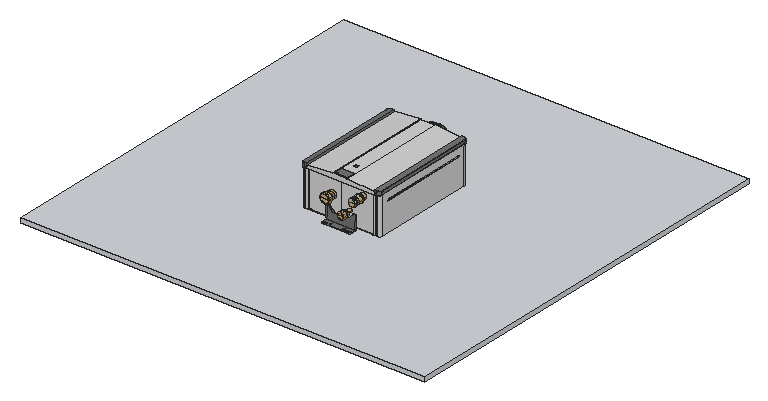
Revit family "Water_Heater-Rinnai-Ultra-Condensing-Tankless-RUCS75i", category Mechanical Equipment, host Face, Revit 2012 (continued)
Definition of nested family "Water Heater"
  Automatic sketch dimensions
    curve 75 to curve 76 = 1/16"
    Extrusion 1 sketch curve to plane 5 = 0"
    Extrusion 1 sketch curve to plane 6 = 0"
    plane 5 to Extrusion 1 sketch curve = 0.16126"
    plane 5 to Extrusion 1 sketch curve = 3/4"  (x2)
    Extrusion 1 sketch curve to plane 4 = 0.12422"
    Extrusion 1 sketch curve to Extrusion 1 sketch curve = 0.16126"  (x4)
    Extrusion 1 sketch curve to Extrusion 1 sketch curve = 0.58465"  (x2)
    plane 6 to Extrusion 1 sketch curve = 1.49591"
    Extrusion 1 sketch curve to plane 4 = 29/128"
    plane 6 to Extrusion 1 sketch curve = 0.91126"
    plane 6 to Extrusion 1 sketch curve = 0.16126"
    plane 5 to Extrusion 2 sketch curve = 1.27704"
    Extrusion 2 sketch curve to Extrusion 2 sketch curve = 7/256"  (x2)
    Extrusion 2 sketch curve to plane 3 "Center (Left/Right)" = 0.00497"
    plane 3 "Center (Left/Right)" to Extrusion 2 sketch curve = 0.00974"
    plane 6 to Extrusion 2 sketch curve = 1.30439"
    Sweep 3 sketch curve to plane 6 = 0"
    Sweep 3 sketch curve to plane 5 = 0"
    Sweep 3 sketch curve to plane 4 = 0.12422"
    plane 6 to Sweep 3 sketch curve = 3/4"  (x2)
    Sweep 3 sketch curve to Sweep 3 sketch curve = 0.74591"  (x2)
    plane 5 to Sweep 3 sketch curve = 1.49591"
    plane 5 to Sweep 3 sketch curve = 3/4"
    Sweep 3 sketch curve to profile plane = 0"  (x2)
    Sweep 3 sketch curve to Sweep 3 sketch curve = 0.0315"
    Extrusion 5 sketch curve to plane 4 = 0"
    Extrusion 5 sketch curve to Extrusion 5 sketch curve = 0.59345"
    Extrusion 5 sketch curve to Extrusion 5 sketch curve = 0.61479"
    plane 6 to Extrusion 5 sketch curve = 0.66792"
    Extrusion 6 sketch curve to plane 5 = 0.02756"
    plane 5 to Extrusion 6 sketch curve = 0.72244"  (x2)
    Extrusion 6 sketch curve to plane 4 = 1/128"  (x2)
    Extrusion 6 sketch curve to Extrusion 6 sketch curve = 0.435"
    plane 6 to Extrusion 6 sketch curve = 1.15744"
    plane 6 to Extrusion 6 sketch curve = 0.72244"  (x2)
    Extrusion 6 sketch curve to plane 6 = 0.02756"
    Extrusion 7 sketch curve to plane 5 = 0"
    plane 16 to Extrusion 7 sketch curve = 0.72706"
    plane 5 to Extrusion 8 sketch curve = 1.27704"
    Extrusion 8 sketch curve to Extrusion 8 sketch curve = 7/256"  (x2)
    Extrusion 8 sketch curve to plane 3 "Center (Left/Right)" = 0.00497"
    plane 3 "Center (Left/Right)" to Extrusion 8 sketch curve = 0.00974"
    plane 6 to Extrusion 8 sketch curve = 1.30439"
    plane 7 to Extrusion 9 sketch curve = 0.05435"
    Extrusion 9 sketch curve to plane 23 = 0.11207"
    plane 7 to Extrusion 9 sketch curve = 0.00161"  (x2)
    plane 23 to Extrusion 9 sketch curve = 0.08478"
    Extrusion 9 sketch curve to plane 7 = 0.15611"  (x2)
    Extrusion 9 sketch curve to Extrusion 9 sketch curve = 0.27318"
    Extrusion 9 sketch curve to Extrusion 9 sketch curve = 0.15748"  (x2)
    Extrusion 9 sketch curve to plane 12 = 0.43849"
    Extrusion 9 sketch curve to plane 21 = 0.06324"
    plane 21 to Extrusion 9 sketch curve = 0.13361"  (x2)
    Extrusion 9 sketch curve to plane 7 = 0.33935"
    Extrusion 9 sketch curve to Extrusion 9 sketch curve = 0.0422"
    plane 5 to Extrusion 10 sketch curve = 0.16126"
    Extrusion 10 sketch curve to Extrusion 10 sketch curve = 3/4"  (x2)
    Extrusion 10 sketch curve to Extrusion 10 sketch curve = 0.58465"
    plane 6 to Extrusion 10 sketch curve = 0.91126"  (x2)
    Extrusion 10 sketch curve to plane 4 = 29/128"
    plane 6 to Extrusion 10 sketch curve = 0.16126"
    plane 19 to Revolve 11 sketch curve = 0.25066"  (x2)
    Revolve 11 sketch curve to Revolve 11 sketch curve = 0.19632"
    Revolve 11 sketch curve to Revolve 11 sketch curve = 1.16267"
    Revolve 11 sketch curve to Revolve 11 sketch curve = 0.13556"
    plane 19 to Revolve 11 sketch curve = 0.03937"
    Revolve 11 sketch curve to plane 16 = 5.03831"
    Revolve 11 sketch curve to Revolve 11 sketch curve = 0.19606"
    plane 19 to Revolve 12 sketch curve = 0.25066"  (x2)
    Revolve 12 sketch curve to Revolve 12 sketch curve = 0.19632"
    Revolve 12 sketch curve to Revolve 12 sketch curve = 1.16267"
    Revolve 12 sketch curve to Revolve 12 sketch curve = 0.13556"
    plane 19 to Revolve 12 sketch curve = 0.03937"
    Revolve 12 sketch curve to plane 16 = 5.03831"
    Revolve 12 sketch curve to Revolve 12 sketch curve = 0.19606"
    Sweep 14 sketch curve to plane 3 "Center (Left/Right)" = 1/64"
    Sweep 14 sketch curve to plane 22 = 0.9765"
    Sweep 14 sketch curve to Sweep 14 sketch curve = 0"  (x4)
    Sweep 14 sketch curve to profile plane = 0"  (x2)
    profile plane to Sweep 14 sketch curve = 1.21666"
    profile plane to Sweep 14 sketch curve = 1.21033"
    Sweep 14 sketch curve to Sweep 14 sketch curve = 0.0386"
    Sweep 14 sketch curve to profile plane = 0.1979"
    Sweep 14 sketch curve to Sweep 14 sketch curve = 0.05055"
    Sweep 14 sketch curve to Sweep 14 sketch curve = 0.24211"
    Sweep 14 sketch curve to profile plane = 0.11491"
    Sweep 14 sketch curve to Sweep 14 sketch curve = 0.01705"
    Sweep 14 sketch curve to Sweep 14 sketch curve = 0.00185"
    Sweep 14 sketch curve to profile plane = 0.13491"
    Sweep 14 sketch curve to Sweep 14 sketch curve = 0.01471"
    Sweep 14 sketch curve to Sweep 14 sketch curve = 0.01869"
    Sweep 14 sketch curve to Sweep 14 sketch curve = 0.03188"
    Sweep 14 sketch curve to Sweep 14 sketch curve = 0.00379"
    Sweep 14 sketch curve to Sweep 14 sketch curve = 0.01985"
    Sweep 14 sketch curve to Sweep 14 sketch curve = 0.02907"
    Sweep 14 sketch curve to Sweep 14 sketch curve = 0.02"
    Sweep 14 sketch curve to Sweep 14 sketch curve = 0.11289"
    Sweep 14 sketch curve to Sweep 14 sketch curve = 0.02082"
    Sweep 14 sketch curve to Sweep 14 sketch curve = 0.0196"
    Sweep 14 sketch curve to Sweep 14 sketch curve = 0.17385"
    Sweep 14 sketch curve to Sweep 14 sketch curve = 0.03347"
    Sweep 14 sketch curve to Sweep 14 sketch curve = 0.16817"
    Sweep 14 sketch curve to profile plane = 0.03937"
    Sweep 14 sketch curve to Sweep 14 sketch curve = 0.03937"
    Sweep 14 sketch curve to Sweep 14 sketch curve = 0.07401"
    Sweep 14 sketch curve to Sweep 14 sketch curve = 0.19685"
    Sweep 14 sketch curve to Sweep 14 sketch curve = 0.0842"
    Sweep 14 sketch curve to Sweep 14 sketch curve = 0.00051"
    Sweep 14 sketch curve to Sweep 14 sketch curve = 0.02307"
    Sweep 14 sketch curve to Sweep 14 sketch curve = 0.14317"
    Sweep 14 sketch curve to Sweep 14 sketch curve = 1.09677"
    Sweep 14 sketch curve to Sweep 14 sketch curve = 0.08034"
    Sweep 14 sketch curve to Sweep 14 sketch curve = 0.12287"
    Sweep 14 sketch curve to Sweep 14 sketch curve = 0.03219"
    Extrusion 15 sketch curve to plane 3 "Center (Left/Right)" = 1/64"
    plane 19 to Extrusion 15 sketch curve = 1.02793"
    Revolve 16 sketch curve to plane 14 = 0.12393"
    Revolve 16 sketch curve to Revolve 16 sketch curve = 0.03504"
    plane 23 to Revolve 16 sketch curve = 0.13583"
    Revolve 16 sketch curve to Revolve 16 sketch curve = 0.1564"
    Revolve 16 sketch curve to plane 3 "Center (Left/Right)" = 0.00981"
    Revolve 16 sketch curve to plane 16 = 1.00882"
    Revolve 16 sketch curve to plane 16 = 0.68789"
    Revolve 16 sketch curve to Revolve 16 sketch curve = 0.037"
    Revolve 16 sketch curve to Revolve 16 sketch curve = 0.07874"
    plane 16 to Revolve 16 sketch curve = 0.72706"  (x2)
    plane 5 to Revolve 17 sketch curve = 1.26381"
    Revolve 17 sketch curve to Revolve 17 sketch curve = 0.08779"
    Revolve 17 sketch curve to Revolve 17 sketch curve = 1.97914"
    Revolve 17 sketch curve to Revolve 17 sketch curve = 0"  (x3)
    plane 4 to Revolve 17 sketch curve = 0.16817"
    Revolve 17 sketch curve to Revolve 17 sketch curve = 0.98144"
    Revolve 17 sketch curve to Revolve 17 sketch curve = 0.07874"
    plane 22 to Extrusion 18 sketch curve = 0.06809"
    plane 5 to Extrusion 18 sketch curve = 0.96853"
    Extrusion 18 sketch curve to plane 8 = 0.34525"
    Extrusion 18 sketch curve to Extrusion 18 sketch curve = 1 1/4"
    Extrusion 18 sketch curve to plane 10 = 0.28029"
    plane 14 to Extrusion 18 sketch curve = 1.91706"  (x2)
    Extrusion 18 sketch curve to plane 19 = 0.0894"
    plane 14 to Extrusion 19 sketch curve = 0.07257"
    plane 8 to Extrusion 19 sketch curve = 0.24136"
    plane 23 to Extrusion 19 sketch curve = 0.91142"  (x2)
    Extrusion 19 sketch curve to plane 20 = 0.10317"
    Extrusion 19 sketch curve to plane 12 = 0.02294"  (x2)
    Extrusion 19 sketch curve to plane 19 = 0.17601"
    plane 14 to Extrusion 20 sketch curve = 0.60587"
    Extrusion 20 sketch curve to Extrusion 20 sketch curve = 0.21663"
    Extrusion 20 sketch curve to Extrusion 20 sketch curve = 0.08337"
    Extrusion 20 sketch curve to Extrusion 20 sketch curve = 0.11714"  (x2)
    Extrusion 20 sketch curve to plane 14 = 0.10821"
    Extrusion 20 sketch curve to plane 23 = 0.24361"
    plane 23 to Extrusion 20 sketch curve = 0.53101"
    Extrusion 20 sketch curve to plane 12 = 0.3808"
    plane 21 to Extrusion 20 sketch curve = 0.23419"
    Extrusion 20 sketch curve to Extrusion 20 sketch curve = 0.41418"
    Extrusion 20 sketch curve to Extrusion 20 sketch curve = 0.26687"
    Extrusion 20 sketch curve to Extrusion 20 sketch curve = 0.02665"
    plane 11 to Extrusion 20 sketch curve = 0.8645"
    Extrusion 20 sketch curve to Extrusion 20 sketch curve = 0.06998"  (x2)
    Extrusion 20 sketch curve to Extrusion 20 sketch curve = 0.07943"  (x2)
    Extrusion 20 sketch curve to Extrusion 20 sketch curve = 0.07035"
    Extrusion 20 sketch curve to Extrusion 20 sketch curve = 0.10791"  (x2)
    Extrusion 21 sketch curve to plane 28 = 0"
    plane 29 to Extrusion 21 sketch curve = 0"
    plane 28 to Extrusion 21 sketch curve = 0.11313"
    plane 14 to Extrusion 21 sketch curve = 0.01908"
    Extrusion 21 sketch curve to plane 14 = 0.14711"
    Extrusion 21 sketch curve to Extrusion 21 sketch curve = 0"  (x2)
    Extrusion 21 sketch curve to plane 3 "Center (Left/Right)" = 0.01255"
    plane 27 to Extrusion 21 sketch curve = 0.15755"
    plane 21 to Extrusion 21 sketch curve = 0.61592"
    plane 27 to Extrusion 21 sketch curve = 0.06257"
    Extrusion 21 sketch curve to Extrusion 21 sketch curve = 0.16453"
    plane 29 to Extrusion 21 sketch curve = 0.10742"
    Extrusion 21 sketch curve to plane 24 = 0.05637"
    Extrusion 22 sketch curve to Extrusion 22 sketch curve = 0.11952"
    Extrusion 22 sketch curve to plane 25 = 0.01157"
    Extrusion 22 sketch curve to Extrusion 22 sketch curve = 0.12047"
    Extrusion 22 sketch curve to plane 13 = 0.39764"
    Extrusion 23 sketch curve to level = 0.02001"
    Extrusion 23 sketch curve to Extrusion 23 sketch curve = 0.12"
    Extrusion 23 sketch curve to Extrusion 23 sketch curve = 0.12047"
    plane 27 to Extrusion 23 sketch curve = 0.47562"
    Extrusion 24 sketch curve to plane 14 = 0.60587"
    Extrusion 24 sketch curve to Extrusion 24 sketch curve = 0.21663"
    Extrusion 24 sketch curve to Extrusion 24 sketch curve = 0.08337"
    Extrusion 24 sketch curve to Extrusion 24 sketch curve = 0.11714"  (x2)
    plane 14 to Extrusion 24 sketch curve = 0.10821"
    plane 23 to Extrusion 24 sketch curve = 0.24361"
    Extrusion 24 sketch curve to plane 23 = 0.53101"
    plane 12 to Extrusion 24 sketch curve = 0.3808"
    Extrusion 24 sketch curve to plane 21 = 0.23419"
    Extrusion 24 sketch curve to Extrusion 24 sketch curve = 0.41418"
    Extrusion 24 sketch curve to Extrusion 24 sketch curve = 0.26687"
    Extrusion 24 sketch curve to Extrusion 24 sketch curve = 0.02665"
    plane 4 to Extrusion 24 sketch curve = 0.12422"
    Extrusion 24 sketch curve to plane 11 = 0.8645"
    Extrusion 24 sketch curve to plane 4 = 0.76189"  (x2)
    Extrusion 24 sketch curve to plane 4 = 0.89402"  (x2)
    Extrusion 24 sketch curve to Extrusion 24 sketch curve = 0.06998"  (x2)
    Extrusion 24 sketch curve to Extrusion 24 sketch curve = 0.07943"  (x2)
    Extrusion 24 sketch curve to Extrusion 24 sketch curve = 0.07035"
    Extrusion 24 sketch curve to Extrusion 24 sketch curve = 0.10791"  (x2)
    Extrusion 25 sketch curve to plane 30 = 0"
    plane 31 to Extrusion 25 sketch curve = 0"
    plane 30 to Extrusion 25 sketch curve = 0.11313"
    plane 14 to Extrusion 25 sketch curve = 0.01908"
    Extrusion 25 sketch curve to plane 14 = 0.14711"
    Extrusion 25 sketch curve to Extrusion 25 sketch curve = 0"  (x2)
    Extrusion 25 sketch curve to plane 3 "Center (Left/Right)" = 0.01255"
    plane 27 to Extrusion 25 sketch curve = 0.15755"
    plane 21 to Extrusion 25 sketch curve = 0.61592"
    plane 27 to Extrusion 25 sketch curve = 0.06257"
    Extrusion 25 sketch curve to Extrusion 25 sketch curve = 0.16453"
    plane 31 to Extrusion 25 sketch curve = 0.10742"
    Extrusion 25 sketch curve to plane 24 = 0.05637"
    plane 13 to Extrusion 26 sketch curve = 0.39764"
    Extrusion 26 sketch curve to plane 4 = 0.2455"
    Extrusion 26 sketch curve to Extrusion 26 sketch curve = 0.11952"
    plane 25 to Extrusion 26 sketch curve = 0.01157"
    Extrusion 26 sketch curve to Extrusion 26 sketch curve = 0.12047"
    Extrusion 26 sketch curve to Extrusion 26 sketch curve = 0.15607"
    level to Extrusion 27 sketch curve = 0.02001"
    Extrusion 27 sketch curve to plane 4 = 0.2455"
    Extrusion 27 sketch curve to Extrusion 27 sketch curve = 0.12"
    Extrusion 27 sketch curve to Extrusion 27 sketch curve = 0.12047"
    plane 4 to Extrusion 27 sketch curve = 0.03009"
    Extrusion 27 sketch curve to plane 27 = 0.47562"
    Masking region 1 sketch curve to plane 4 = 0"  (x2)
    Masking region 1 sketch curve to plane 5 = 0.01381"
    plane 5 to Masking region 1 sketch curve = 0.72244"  (x2)
    Masking region 1 sketch curve to plane 4 = 1/128"
    Masking region 1 sketch curve to Masking region 1 sketch curve = 0.24092"
    Masking region 1 sketch curve to Masking region 1 sketch curve = 0.30044"
    plane 4 to Masking region 1 sketch curve = 0.16817"
    Masking region 1 sketch curve to Masking region 1 sketch curve = 0.38823"
    plane 14 to Masking region 1 sketch curve = 1.05024"
    Masking region 1 sketch curve to Masking region 1 sketch curve = 0.0879"
    Masking region 1 sketch curve to Masking region 1 sketch curve = 0.38318"
    plane 14 to Masking region 1 sketch curve = 0.07257"
    plane 14 to Masking region 1 sketch curve = 0.03453"
    Masking region 1 sketch curve to plane 14 = 0.00484"
    Masking region 1 sketch curve to plane 14 = 0.06748"
    Masking region 1 sketch curve to Masking region 1 sketch curve = 0.04668"  (x2)
    Masking region 1 sketch curve to plane 14 = 0.12393"
    Masking region 1 sketch curve to Masking region 1 sketch curve = 0.03504"  (x2)
    plane 23 to Masking region 1 sketch curve = 0.13583"
    Masking region 1 sketch curve to plane 21 = 0.13376"
    plane 21 to Masking region 1 sketch curve = 0.60911"
    plane 4 to Masking region 1 sketch curve = 0.25285"
    plane 21 to Masking region 1 sketch curve = 0.6422"
    Masking region 1 sketch curve to Masking region 1 sketch curve = 0.10737"
    Masking region 1 sketch curve to Masking region 1 sketch curve = 0.03937"  (x3)
    Masking region 1 sketch curve to Masking region 1 sketch curve = 0.15177"
    plane 6 to Masking region 1 sketch curve = 0.72244"
    plane 6 to Masking region 1 sketch curve = 0.67054"
    Masking region 1 sketch curve to plane 6 = 0.01381"
    Masking region 1 sketch curve to Masking region 1 sketch curve = 3/4"
    plane 4 to Masking region 1 sketch curve = 0.16929"
    plane 4 to Masking region 1 sketch curve = 0.22589"
    Masking region 1 sketch curve to Masking region 1 sketch curve = 0.02695"  (x2)
    Masking region 1 sketch curve to Masking region 1 sketch curve = 0.98144"
    Masking region 1 sketch curve to Masking region 1 sketch curve = 0.98031"
    Masking region 1 sketch curve to Masking region 1 sketch curve = 0.07874"  (x2)
    Masking region 1 sketch curve to plane 16 = 0.92411"  (x2)
    Masking region 1 sketch curve to Masking region 1 sketch curve = 0.19685"  (x2)
    Masking region 1 sketch curve to Masking region 1 sketch curve = 0.037"  (x2)
    Masking region 1 sketch curve to plane 16 = 0.57215"
    plane 16 to Masking region 1 sketch curve = 0.72706"
    Masking region 2 sketch curve to plane 5 = 0"
    plane 6 to Masking region 2 sketch curve = 0"
    Masking region 2 sketch curve to plane 24 = 0"
    plane 24 to Masking region 4 sketch curve = 0"
    plane 16 to Masking region 4 sketch curve = 0.72706"
    Masking region 5 sketch curve to plane 8 = 0"
    Masking region 5 sketch curve to level = 0.04124"
    Masking region 5 sketch curve to plane 4 = 0.12288"
    Masking region 5 sketch curve to plane 16 = 2.67"
    Masking region 5 sketch curve to plane 15 = 0.02389"
    Masking region 5 sketch curve to Masking region 5 sketch curve = 0.34877"
    Masking region 5 sketch curve to Masking region 5 sketch curve = 0.22589"
    Masking region 5 sketch curve to Masking region 5 sketch curve = 0.06793"
    plane 15 to Masking region 5 sketch curve = 0.08481"
    Masking region 5 sketch curve to plane 16 = 1.04598"
    Masking region 5 sketch curve to Masking region 5 sketch curve = 0.03716"
    plane 8 to Masking region 5 sketch curve = 0.04817"
    Masking region 5 sketch curve to plane 16 = 0.92411"
    Masking region 5 sketch curve to Masking region 5 sketch curve = 0.08471"
    Masking region 5 sketch curve to Masking region 5 sketch curve = 0.19685"  (x2)
    Masking region 5 sketch curve to plane 20 = 0.08334"
    Masking region 5 sketch curve to Masking region 5 sketch curve = 0.03937"  (x3)
    Masking region 5 sketch curve to Masking region 5 sketch curve = 0.037"  (x2)
    Masking region 5 sketch curve to Masking region 5 sketch curve = 0.07874"  (x2)
    plane 10 to Masking region 5 sketch curve = 0.14922"
    plane 16 to Masking region 5 sketch curve = 0.72706"
    Masking region 5 sketch curve to Masking region 5 sketch curve = 0.08089"
    plane 15 to Masking region 5 sketch curve = 0.0686"
    plane 15 to Masking region 5 sketch curve = 0.14131"
    Masking region 5 sketch curve to Masking region 5 sketch curve = 0.03504"  (x2)
    Masking region 5 sketch curve to plane 8 = 0.68345"
    plane 8 to Masking region 5 sketch curve = 0.05941"
    Masking region 5 sketch curve to Masking region 5 sketch curve = 0.03505"
    Masking region 5 sketch curve to Masking region 5 sketch curve = 0.08566"
    plane 8 to Masking region 5 sketch curve = 0.24136"
    Masking region 6 sketch curve to plane 5 = 0"
    Masking region 6 sketch curve to plane 6 = 0"
    plane 16 to Masking region 6 sketch curve = 0.72706"
    plane 23 to Extrusion 28 sketch curve = 0.63676"
    Extrusion 28 sketch curve to Extrusion 28 sketch curve = 0.06"  (x3)
    Extrusion 28 sketch curve to plane 12 = 0.38033"  (x2)
    Extrusion 28 sketch curve to Extrusion 28 sketch curve = 1.755"
    curve 67 to curve 69 = 0.33187"
    curve 73 to curve 75 = 0.07509"
    Extrusion 13 sketch curve to plane 5 = 0.23785"
    Extrusion 13 sketch curve to plane 5 = 0.03521"
    plane 5 to Extrusion 13 sketch curve = 0.03289"
    Extrusion 13 sketch curve to Extrusion 13 sketch curve = 0"  (x2)
    plane 5 to Extrusion 13 sketch curve = 0.04544"
    plane 8 to Extrusion 13 sketch curve = 0.19414"  (x2)
    plane 5 to Extrusion 13 sketch curve = 1.15744"
    plane 8 to Extrusion 13 sketch curve = 0.02539"  (x2)
    Extrusion 13 sketch curve to Extrusion 13 sketch curve = 0.17596"
    Extrusion 13 sketch curve to plane 3 "Center (Left/Right)" = 0.02677"
    plane 3 "Center (Left/Right)" to Extrusion 13 sketch curve = 0.01184"
    plane 6 to Extrusion 13 sketch curve = 1.35744"
    Extrusion 13 sketch curve to Extrusion 13 sketch curve = 0.2"
    plane 6 to Extrusion 13 sketch curve = 0.06604"
    plane 6 to Extrusion 13 sketch curve = 0.05362"
    Extrusion 13 sketch curve to plane 6 = 0.01381"
    Extrusion 13 sketch curve to plane 6 = 0.21381"
    plane 24 to Extrusion 13 sketch curve = 48.09837"
    Extrusion 13 sketch curve to Extrusion 13 sketch curve = 0.0012"
    Extrusion 1 sketch curve to Extrusion 1 sketch curve = 0.06299"  (x2)
    Extrusion 2 sketch curve to Extrusion 2 sketch curve = 0.01019"
    Extrusion 8 sketch curve to Extrusion 8 sketch curve = 0.01019"
    plane 1 "Center (Front/Back)" to curve 99 = 10.76797"
    curve 137 to curve 96 = 2.02615"
    curve 141 to curve 137 = 0.00051"
    curve 135 to curve 137 = 0.07826"
    plane 1 "Center (Front/Back)" to Extrusion 1 sketch curve = 12.00728"  (x2)
    plane 1 "Center (Front/Back)" to Extrusion 2 sketch curve = 12.75728"
    plane 1 "Center (Front/Back)" to Sweep 3 sketch curve = 12.07027"  (x2)
    Extrusion 5 sketch curve to Extrusion 5 sketch curve = 0.68312"
    plane 1 "Center (Front/Back)" to Extrusion 5 sketch curve = 12.46688"
    plane 1 "Center (Front/Back)" to Extrusion 6 sketch curve = 12.4"  (x2)
    plane 1 "Center (Front/Back)" to Extrusion 7 sketch curve = 14.56214"
    plane 1 "Center (Front/Back)" to Extrusion 8 sketch curve = 12.75728"
    plane 1 "Center (Front/Back)" to Extrusion 10 sketch curve = 12.00728"
    plane 1 "Center (Front/Back)" to Revolve 11 sketch curve = 9.47992"
    plane 1 "Center (Front/Back)" to Revolve 12 sketch curve = 9.47992"
    plane 1 "Center (Front/Back)" to Extrusion 20 sketch curve = 14.56214"
    Extrusion 20 sketch curve to Extrusion 20 sketch curve = 0.13195"
    Extrusion 20 sketch curve to Extrusion 20 sketch curve = 0.20211"  (x2)
    Extrusion 20 sketch curve to Extrusion 20 sketch curve = 1.14728"
    plane 1 "Center (Front/Back)" to Extrusion 22 sketch curve = 13.17362"
    Extrusion 22 sketch curve to Extrusion 22 sketch curve = 0.15607"
    plane 1 "Center (Front/Back)" to Extrusion 23 sketch curve = 13.17362"
    Extrusion 23 sketch curve to Extrusion 23 sketch curve = 0.15512"
    plane 1 "Center (Front/Back)" to Masking region 1 sketch curve = 12.4"  (x2)
    Masking region 1 sketch curve to Masking region 1 sketch curve = 0.14296"
    plane 1 "Center (Front/Back)" to Masking region 4 sketch curve = 14.56214"
    plane 1 "Center (Front/Back)" to Masking region 5 sketch curve = 12.81978"
    Masking region 5 sketch curve to Masking region 5 sketch curve = 0.73137"
    plane 1 "Center (Front/Back)" to Masking region 6 sketch curve = 14.56214"
    plane 1 "Center (Front/Back)" to Extrusion 28 sketch curve = 12.6188"
    Extrusion 9 sketch curve to Extrusion 9 sketch curve = 0.43951"
    plane 7 to Extrusion 13 sketch curve = 0.18429"  (x2)
    Masking region 2 sketch curve to plane 7 = 0.14124"
    Masking region 4 sketch curve to plane 7 = 0.14124"
    Masking region 5 sketch curve to plane 7 = 0.14124"
    curve 94 to curve 94 = 0.08577"
    Extrusion 4 sketch curve to plane 3 "Center (Left/Right)" = 0"
    Extrusion 4 sketch curve to plane 33 = 0"
    plane 23 to Extrusion 4 sketch curve = 0.65785"
    Extrusion 4 sketch curve to plane 33 = 0.56589"  (x2)
    Extrusion 4 sketch curve to plane 3 "Center (Left/Right)" = 8.09256"
    Extrusion 4 sketch curve to plane 5 = 9/32"
    Extrusion 4 sketch curve to plane 12 = 0.29613"
    plane 3 "Center (Left/Right)" to Extrusion 4 sketch curve = 8.09256"
    Extrusion 4 sketch curve to plane 6 = 9/32"
    plane 8 to Extrusion 4 sketch curve = 0.19414"  (x2)
    Masking region 3 sketch curve to plane 5 = 0"
    Masking region 3 sketch curve to plane 5 = 0.01381"
    plane 5 to Masking region 3 sketch curve = 0.05362"
    Masking region 3 sketch curve to Masking region 3 sketch curve = 0"  (x4)
    plane 5 to Masking region 3 sketch curve = 0.06604"
    plane 8 to Masking region 3 sketch curve = 0.19414"
    Masking region 3 sketch curve to Masking region 3 sketch curve = 0.46603"
    plane 8 to Masking region 3 sketch curve = 0.22539"  (x2)
    Masking region 3 sketch curve to Masking region 3 sketch curve = 0.05413"  (x2)
    Masking region 3 sketch curve to Masking region 3 sketch curve = 0.63728"
    Masking region 3 sketch curve to plane 25 = 0.01157"
    plane 14 to Masking region 3 sketch curve = 0.66706"
    Masking region 3 sketch curve to Masking region 3 sketch curve = 0.06299"
    plane 33 to Masking region 3 sketch curve = 0.02703"  (x2)
    plane 23 to Masking region 3 sketch curve = 0.28544"
    Masking region 3 sketch curve to plane 33 = 0.01487"  (x2)
    Masking region 3 sketch curve to Masking region 3 sketch curve = 0.07258"  (x2)
    plane 7 to Masking region 3 sketch curve = 0.11665"  (x2)
    Masking region 3 sketch curve to Masking region 3 sketch curve = 0.15748"
    plane 23 to Masking region 3 sketch curve = 0.65785"
    Masking region 3 sketch curve to plane 3 "Center (Left/Right)" = 0.01184"
    plane 3 "Center (Left/Right)" to Masking region 3 sketch curve = 0.01184"
    Masking region 3 sketch curve to plane 12 = 0.29613"
    Masking region 3 sketch curve to plane 12 = 0.43849"
    Masking region 3 sketch curve to plane 24 = 0.00215"
    plane 11 to Masking region 3 sketch curve = 0.86256"
    Masking region 3 sketch curve to plane 25 = 0.01186"
    Masking region 3 sketch curve to Masking region 3 sketch curve = 0.06133"
    Masking region 3 sketch curve to plane 33 = 0.14924"
    plane 6 to Masking region 3 sketch curve = 1.15744"
    plane 6 to Masking region 3 sketch curve = 0.52016"
    plane 6 to Masking region 3 sketch curve = 0.06604"
    plane 6 to Masking region 3 sketch curve = 0.05362"
    Masking region 3 sketch curve to plane 6 = 0.00046"
    Masking region 3 sketch curve to Masking region 3 sketch curve = 0.07985"
    Masking region 3 sketch curve to Masking region 3 sketch curve = 21.46811"
    Masking region 3 sketch curve to level = 0.04046"
    Masking region 3 sketch curve to level = 0.04045"
    Masking region 3 sketch curve to Masking region 3 sketch curve = 1/32"
    curve 1 to plane 32 = 0"
    curve 13 to plane 4 = 0"
    curve 3 to plane 32 = 0"
    curve 4 to plane 32 = 0"
    curve 57 to plane 4 = 0"
    curve 58 to plane 4 = 0"
    curve 2 to plane 32 = 0"
    curve 1 to plane 4 = 1/128"
    plane 5 to curve 1 = 0.91417"
    plane 4 to curve 6 = 0.16817"
    curve 1 to curve 6 = 0.43742"
    curve 5 to curve 6 = 0"  (x2)
    plane 14 to curve 6 = 1.05012"
    curve 6 to curve 47 = 0.38306"
    curve 13 to curve 48 = 0"
    curve 13 to curve 46 = 0.06119"
    plane 32 to curve 24 = 0.01515"
    plane 14 to curve 24 = 0.60587"
    curve 46 to curve 51 = 0.21663"
    curve 24 to curve 27 = 0.21663"
    plane 14 to curve 45 = 0.30587"
    plane 14 to curve 22 = 0.30587"
    curve 26 to curve 26 = 0.11714"
    curve 52 to curve 51 = 0.11714"
    plane 4 to curve 49 = 0.0329"
    plane 14 to curve 49 = 0.07052"
    plane 14 to curve 10 = 0.03453"
    curve 12 to plane 14 = 0.07083"
    curve 31 to plane 14 = 0.10821"
    curve 54 to plane 14 = 0.10821"
    curve 11 to plane 14 = 0.11"
    curve 44 to plane 14 = 0.1136"
    curve 9 to plane 14 = 0.15897"
    curve 8 to curve 9 = 0"
    curve 33 to plane 23 = 0.24361"
    curve 3 to plane 23 = 0.11207"
    plane 23 to curve 7 = 0.13583"
    plane 23 to curve 34 = 0.53101"
    plane 23 to curve 17 = 0.63676"
    curve 17 to curve 18 = 0.06"
    curve 15 to curve 15 = 0.06"
    curve 21 to plane 12 = 0.38033"
    curve 19 to plane 12 = 0.38033"
    curve 35 to plane 12 = 0.3808"
    curve 21 to curve 20 = 0.06"
    curve 7 to plane 21 = 0.13386"
    plane 21 to curve 4 = 0.13361"
    plane 21 to curve 36 = 0.23419"
    plane 21 to curve 8 = 0.60901"
    curve 9 to curve 8 = 0"
    curve 9 to curve 11 = 0.03166"
    curve 55 to curve 11 = 0"
    curve 36 to curve 39 = 0.41418"
    curve 55 to curve 65 = 0.00771"
    plane 4 to curve 12 = 0.22589"
    curve 4 to curve 12 = 0.55216"
    curve 9 to curve 10 = 0.18188"
    curve 12 to curve 13 = 0.15478"
    curve 59 to curve 13 = 0"
    curve 65 to curve 62 = 0.26687"
    curve 36 to curve 40 = 0.26687"
    curve 61 to curve 61 = 0.11714"
    curve 41 to curve 41 = 0.11714"
    curve 61 to curve 55 = 0.02665"
    curve 40 to curve 22 = 0.02665"
    plane 4 to curve 60 = 0.2455"
    curve 59 to curve 60 = 0.52256"
    plane 32 to curve 25 = 0.00202"
    plane 11 to curve 25 = 0.8645"
    curve 60 to curve 58 = 0.06406"
    plane 6 to curve 2 = 0.91417"
    curve 34 to plane 32 = 0.82618"
    curve 35 to plane 32 = 0.82618"
    curve 29 to plane 32 = 0.9583"
    curve 42 to plane 32 = 0.9583"
    curve 33 to curve 26 = 0.06998"
    curve 39 to curve 41 = 0.06998"
    curve 40 to curve 41 = 0.07943"
    curve 28 to curve 26 = 0.07943"
    curve 66 to curve 40 = 0.07035"
    curve 31 to curve 31 = 0.10791"
    curve 39 to curve 39 = 0.10791"
    plane 32 to curve 18 = 0.5312"
    curve 16 to curve 16 = 1.755"
    curve 2 to plane 4 = 1/128"
    curve 13 to curve 59 = 0.0329"
    curve 49 to curve 48 = 0.13639"
    curve 48 to curve 48 = 0.07621"
    curve 47 to curve 52 = 0.64852"
    curve 12 to curve 62 = 0.66812"
    curve 62 to curve 65 = 0.06998"
    curve 51 to curve 54 = 0.06998"
    curve 63 to curve 64 = 0.07943"
    curve 51 to curve 50 = 0.07943"
    curve 61 to curve 57 = 0.07035"
    curve 50 to curve 45 = 0.07441"
    curve 65 to curve 65 = 0.10791"
    curve 54 to curve 54 = 0.10791"
    curve 6 to curve 5 = 0.98144"
    curve 55 to curve 11 = 0.39803"
    curve 11 to curve 10 = 0.19685"
    curve 10 to curve 9 = 0.03937"
    curve 9 to curve 8 = 0.037"
    curve 7 to plane 16 = 0.57215"
    curve 147 to curve 99 = 2.75755"
    curve 153 to curve 152 = 0.03527"
    curve 154 to curve 158 = 0.04"
    plane 3 "Center (Left/Right)" to curve 155 = 0.3791"
    curve 155 to curve 155 = 0.04"
    curve 159 to curve 159 = 0.04"
    curve 159 to curve 155 = 0.45418"
    Extrusion 29 sketch curve to plane 3 "Center (Left/Right)" = 0.48633"
    Extrusion 29 sketch curve to Extrusion 29 sketch curve = 0.03527"
    Extrusion 29 sketch curve to Extrusion 29 sketch curve = 0.04"  (x2)
    plane 3 "Center (Left/Right)" to Extrusion 29 sketch curve = 0.3791"  (x2)
    Extrusion 29 sketch curve to Extrusion 29 sketch curve = 0.45418"
    plane 32 to Extrusion 29 sketch curve = 4.5538"
    curve 153 to curve 155 = 0.86544"
    curve 15 to curve 157 = 2.1476"
    radius of Sweep 14 sketch curve = 2.53"
    radius of Extrusion 15 sketch curve = 2.76047"
    radius of Extrusion 20 sketch curve = 1/4"  (x2)
    radius of Extrusion 24 sketch curve = 1/4"  (x2)
    radius of curve 34 = 1/4"
    radius of curve 35 = 1/4"
Definition of nested family "Pipes"
  Parameters (values of type "Pipes")
    Pipe Material = Metal - Rinnai - Aluminum Frame - Brass - Stain
  Reference planes (in)
    plane 1 "Center (Front/Back)": y = 0
    plane 2: z = 0
    plane 3 "Center (Left/Right)": x = 0
    plane 4: y = 1.33858
    plane 5: z = 0.505
  Forms (in)
    Revolve 1, solid, material "Metal - Rinnai - Aluminum Frame - Brass - Stain" <- "Pipe Material", detail levels fine
      sketch origin (0, 0, 5.73209) x (1, 0, 0) y (0, 1, 0)
        loop
          line (-3.57004, -0.9459) -> (-2.57004, -0.9459) -> (-2.57004, 1.33858) -> (-3.44946, 1.33858) -> (-3.41727, 0.72441) -> (-3.47911, 0.72441) -> (-3.47911, 0.07292)
          arc (-3.47911, 0.07292) -> (-3.48697, 0.05393) -> (-3.50597, 0.04606) r 0.02686
          line (-3.50597, 0.04606) -> (-3.54269, 0.04606)
          arc (-3.54269, 0.04606) -> (-3.58891, 0.03368) -> (-3.62274, -0.00015) r 0.09243
          line (-3.62274, -0.00015) -> (-3.68471, -0.10749)
          arc (-3.68471, -0.10749) -> (-3.70531, -0.15723) -> (-3.71234, -0.21061) r 0.20624
          line (-3.71234, -0.21061) -> (-3.71234, -0.86374) -> (-3.57004, -0.9459)
        axis (-2.57004, 1.33858) -> (-2.57004, -0.9459)
      angle from 0 to 360
    Revolve 2, solid, material "Metal - Rinnai - Aluminum Frame - Brass - Stain" <- "Pipe Material", detail levels fine
      sketch origin (0, 0, 3.75493) x (1, 0, 0) y (0, 1, 0)
        loop
          arc (1.27156, 0.03516) -> (1.26126, 0.0103) -> (1.2364, 0) r 0.03516
          line (1.2364, 0) -> (0.95449, 0)
          arc (0.95449, 0) -> (0.92311, -0.013) -> (0.91011, -0.04439) r 0.04439
          line (0.91011, -0.04439) -> (0.91011, -0.53932)
          arc (0.91011, -0.53932) -> (0.90677, -0.56981) -> (0.89691, -0.59886) r 0.14089
          line (0.89691, -0.59886) -> (0.84056, -0.7197)
          arc (0.84056, -0.7197) -> (0.83312, -0.74161) -> (0.8306, -0.76462) r 0.10629
          line (0.8306, -0.76462) -> (0.8306, -1.44122) -> (0.9619, -1.52012) -> (1.64829, -1.52012) -> (1.64829, 1.33858) -> (1.27156, 1.33858) -> (1.27156, 0.03516)
        axis (1.64829, 1.33858) -> (1.64829, -1.52012)
      angle from 0 to 360
    Revolve 3, solid, material "Metal - Rinnai - Aluminum Frame - Brass - Stain" <- "Pipe Material", detail levels fine
      sketch origin (0.0625, 0, 7.82256) x (1, 0, 0) y (0, 1, 0)
        loop
          line (4.63913, 1.33858) -> (3.89727, 1.33858) -> (3.89727, 0.57916)
          arc (3.89727, 0.57916) -> (3.90169, 0.55689) -> (3.91431, 0.53801) r 0.05818
          line (3.91431, 0.53801) -> (3.97376, 0.47857)
          arc (3.97376, 0.47857) -> (3.97799, 0.4573) -> (3.95995, 0.44525) r 0.01952
          line (3.95995, 0.44525) -> (3.75631, 0.44525)
          arc (3.75631, 0.44525) -> (3.73498, 0.43641) -> (3.72615, 0.41509) r 0.03016
          line (3.72615, 0.41509) -> (3.72615, 0.22228)
          arc (3.72615, 0.22228) -> (3.73313, 0.20014) -> (3.75155, 0.186) r 0.03861
          line (3.75155, 0.186) -> (3.79036, 0.17188)
          arc (3.79036, 0.17188) -> (3.80249, 0.16257) -> (3.80708, 0.148) r 0.02541
          line (3.80708, 0.148) -> (3.80708, -0.96244)
          arc (3.80708, -0.96244) -> (3.76912, -0.97853) -> (3.75344, -1.01667) r 0.05423
          line (3.75344, -1.01667) -> (3.75344, -1.4647)
          arc (3.75344, -1.4647) -> (3.75919, -1.4936) -> (3.77555, -1.51809) r 0.07551
          line (3.77555, -1.51809) -> (3.82296, -1.5655)
          arc (3.82296, -1.5655) -> (3.83493, -1.58341) -> (3.83913, -1.60454) r 0.05521
          line (3.83913, -1.60454) -> (3.83913, -1.9303) -> (4.63913, -1.9303) -> (4.63913, 1.33858)
        axis (4.63913, 1.33858) -> (4.63913, -1.9303)
      angle from 0 to 360
    Revolve 4, solid, material "Metal - Rinnai - Aluminum Frame - Brass - Stain" <- "Pipe Material", detail levels coarse+medium
      sketch origin (5.61347, -180, 7.82256) x (-1, 0, 0) y (0, -1, 0)
        loop
          line (0.91184, -181.33858) -> (1.79851, -181.33858) -> (1.79851, -178.0697) -> (0.91184, -178.0697) -> (0.91184, -181.33858)
        axis (0.91184, -181.33858) -> (0.91184, -178.0697)
      angle from 0 to 360
    Revolve 5, solid, material "Metal - Rinnai - Aluminum Frame - Brass - Stain" <- "Pipe Material", detail levels coarse+medium
      sketch origin (2.46598, -180, 3.75493) x (-1, 0, 0) y (0, -1, 0)
        loop
          line (0.81769, -181.33858) -> (1.63546, -181.33858) -> (1.63546, -178.47988) -> (0.81769, -178.47988) -> (0.81769, -181.33858)
        axis (0.81769, -181.33858) -> (0.81769, -178.47988)
      angle from 0 to 360
    Revolve 6, solid, material "Metal - Rinnai - Aluminum Frame - Brass - Stain" <- "Pipe Material", detail levels coarse+medium
      sketch origin (-1.42757, -180, 5.73209) x (0, -1, 0) y (1, 0, 0)
        loop
          line (-181.33858, -1.14247) -> (-181.33858, -2.28413) -> (-179.0541, -2.28413) -> (-179.0541, -1.14247) -> (-181.33858, -1.14247)
        axis (-181.33858, -1.14247) -> (-179.0541, -1.14247)
      angle from 0 to 360
  Lines and regions (in)
    Masking region 1, detail levels fine
      outline origin (0, 0, 0) x (1, 0, 0) y (0, 1, 0)
        loop
          line (-3.44872, 1.33858) -> (-3.41642, 0.72441) -> (-3.47838, 0.72441) -> (-3.47838, 0.07553)
          arc (-3.47838, 0.07553) -> (-3.48658, 0.05573) -> (-3.50638, 0.04753) r 0.02801
          line (-3.50638, 0.04753) -> (-3.54097, 0.04753)
          arc (-3.54097, 0.04753) -> (-3.58711, 0.03473) -> (-3.62007, 0) r 0.08959
          line (-3.62007, 0) -> (-3.68736, -0.11199)
          arc (-3.68736, -0.11199) -> (-3.71057, -0.17247) -> (-3.7117, -0.23725) r 0.18655
          line (-3.7117, -0.23725) -> (-3.7117, -0.83778)
          arc (-3.7117, -0.83778) -> (-3.70314, -0.86494) -> (-3.68055, -0.88228) r 0.04735
          line (-3.68055, -0.88228) -> (-3.59276, -0.93296)
          arc (-3.59276, -0.93296) -> (-3.56768, -0.9431) -> (-3.54077, -0.94593) r 0.0972
          line (-3.54077, -0.94593) -> (-1.5993, -0.94593)
          arc (-1.5993, -0.94593) -> (-1.57239, -0.9431) -> (-1.54731, -0.93296) r 0.0972
          line (-1.54731, -0.93296) -> (-1.45952, -0.88228)
          arc (-1.45952, -0.88228) -> (-1.43693, -0.86494) -> (-1.42837, -0.83778) r 0.04735
          line (-1.42837, -0.83778) -> (-1.42837, -0.23725)
          arc (-1.42837, -0.23725) -> (-1.4295, -0.17247) -> (-1.45272, -0.11199) r 0.18655
          line (-1.45272, -0.11199) -> (-1.52, 0)
          arc (-1.52, 0) -> (-1.55296, 0.03473) -> (-1.59911, 0.04753) r 0.08959
          line (-1.59911, 0.04753) -> (-1.63369, 0.04753)
          arc (-1.63369, 0.04753) -> (-1.65349, 0.05573) -> (-1.66169, 0.07553) r 0.02801
          line (-1.66169, 0.07553) -> (-1.66169, 0.72441) -> (-1.72353, 0.72441) -> (-1.69134, 1.33858) -> (-3.44872, 1.33858)
    Masking region 2, detail levels fine
      outline origin (0, 0, 0) x (1, 0, 0) y (0, 1, 0)
        loop
          line (1.27156, 1.33858) -> (1.27156, 0.03455)
          arc (1.27156, 0.03455) -> (1.26143, 0.01012) -> (1.237, 0) r 0.03455
          line (1.237, 0) -> (0.95155, 0)
          arc (0.95155, 0) -> (0.92268, -0.01196) -> (0.91072, -0.04083) r 0.04083
          line (0.91072, -0.04083) -> (0.91072, -0.54083)
          arc (0.91072, -0.54083) -> (0.90553, -0.57771) -> (0.89039, -0.61173) r 0.13378
          line (0.89039, -0.61173) -> (0.83877, -0.72242)
          arc (0.83877, -0.72242) -> (0.83098, -0.74791) -> (0.83051, -0.77456) r 0.09576
          line (0.83051, -0.77456) -> (0.83051, -1.41497)
          arc (0.83051, -1.41497) -> (0.83568, -1.43648) -> (0.85004, -1.4533) r 0.04738
          line (0.85004, -1.4533) -> (0.9389, -1.50668)
          arc (0.9389, -1.50668) -> (0.9682, -1.51852) -> (0.99973, -1.52073) r 0.10101
          line (0.99973, -1.52073) -> (2.31445, -1.52073)
          arc (2.31445, -1.52073) -> (2.33686, -1.51617) -> (2.35768, -1.50668) r 0.10101
          line (2.35768, -1.50668) -> (2.44653, -1.4533)
          arc (2.44653, -1.4533) -> (2.4609, -1.43648) -> (2.46606, -1.41497) r 0.04738
          line (2.46606, -1.41497) -> (2.46606, -0.77456)
          arc (2.46606, -0.77456) -> (2.46559, -0.74791) -> (2.4578, -0.72242) r 0.09576
          line (2.4578, -0.72242) -> (2.40619, -0.61173)
          arc (2.40619, -0.61173) -> (2.39104, -0.57771) -> (2.38586, -0.54083) r 0.13378
          line (2.38586, -0.54083) -> (2.38586, -0.04083)
          arc (2.38586, -0.04083) -> (2.3739, -0.01196) -> (2.34502, 0) r 0.04083
          line (2.34502, 0) -> (2.05957, 0)
          arc (2.05957, 0) -> (2.03514, 0.01012) -> (2.02502, 0.03455) r 0.03455
          line (2.02502, 0.03455) -> (2.02502, 1.33858) -> (1.27156, 1.33858)
        loop
          line (3.95999, 1.33858) -> (3.95999, 0.58685)
          arc (3.95999, 0.58685) -> (3.9644, 0.5605) -> (3.97714, 0.53702) r 0.08093
          line (3.97714, 0.53702) -> (4.0312, 0.48296)
          arc (4.0312, 0.48296) -> (4.03771, 0.46232) -> (4.02453, 0.44515) r 0.02344
          line (4.02453, 0.44515) -> (3.82192, 0.44515)
          arc (3.82192, 0.44515) -> (3.7987, 0.43553) -> (3.78908, 0.41231) r 0.03284
          line (3.78908, 0.41231) -> (3.78908, 0.22442)
          arc (3.78908, 0.22442) -> (3.79662, 0.20051) -> (3.81651, 0.18525) r 0.04169
          line (3.81651, 0.18525) -> (3.8488, 0.1735)
          arc (3.8488, 0.1735) -> (3.86491, 0.16067) -> (3.87007, 0.14073) r 0.03245
          line (3.87007, 0.14073) -> (3.87007, -0.96244)
          arc (3.87007, -0.96244) -> (3.83111, -0.97858) -> (3.81497, -1.01754) r 0.05511
          line (3.81497, -1.01754) -> (3.81497, -1.4511)
          arc (3.81497, -1.4511) -> (3.82375, -1.49426) -> (3.84869, -1.53056) r 0.11046
          line (3.84869, -1.53056) -> (3.8803, -1.56108)
          arc (3.8803, -1.56108) -> (3.89615, -1.5833) -> (3.90298, -1.60972) r 0.07488
          line (3.90298, -1.60972) -> (3.90298, -1.8167)
          arc (3.90298, -1.8167) -> (3.9361, -1.89666) -> (4.01606, -1.92978) r 0.11308
          line (4.01606, -1.92978) -> (5.3872, -1.92978)
          arc (5.3872, -1.92978) -> (5.46716, -1.89666) -> (5.50028, -1.8167) r 0.11308
          line (5.50028, -1.8167) -> (5.50028, -1.60972)
          arc (5.50028, -1.60972) -> (5.50711, -1.5833) -> (5.52296, -1.56108) r 0.07488
          line (5.52296, -1.56108) -> (5.55457, -1.53056)
          arc (5.55457, -1.53056) -> (5.57952, -1.49426) -> (5.5883, -1.4511) r 0.11046
          line (5.5883, -1.4511) -> (5.5883, -1.01754)
          arc (5.5883, -1.01754) -> (5.57216, -0.97858) -> (5.53319, -0.96244) r 0.05511
          line (5.53319, -0.96244) -> (5.53319, 0.14073)
          arc (5.53319, 0.14073) -> (5.53835, 0.16067) -> (5.55447, 0.1735) r 0.03245
          line (5.55447, 0.1735) -> (5.58675, 0.18525)
          arc (5.58675, 0.18525) -> (5.60664, 0.20051) -> (5.61418, 0.22442) r 0.04169
          line (5.61418, 0.22442) -> (5.61418, 0.41231)
          arc (5.61418, 0.41231) -> (5.60457, 0.43553) -> (5.58135, 0.44515) r 0.03284
          line (5.58135, 0.44515) -> (5.37873, 0.44515)
          arc (5.37873, 0.44515) -> (5.36555, 0.46232) -> (5.37206, 0.48296) r 0.02344
          line (5.37206, 0.48296) -> (5.42612, 0.53702)
          arc (5.42612, 0.53702) -> (5.43887, 0.5605) -> (5.44328, 0.58685) r 0.08093
          line (5.44328, 0.58685) -> (5.44328, 1.33858) -> (3.95999, 1.33858)
    Masking region 3
      outline origin (0, 0, 0) x (1, 0, 0) y (0, 0, 1)
        loop
          circle (-2.57004, 5.73209) r 1.14247
        loop
          circle (1.64829, 3.75493) r 0.81672
        loop
          circle (4.70163, 7.82256) r 0.91184
    Masking region 4, detail levels fine
      outline origin (0, 0, 0) x (0, 1, 0) y (0, 0, 1)
        loop
          line (1.33858, 8.56215) -> (0.5885, 8.56215)
          arc (0.5885, 8.56215) -> (0.56128, 8.5576) -> (0.53702, 8.54443) r 0.08363
          line (0.53702, 8.54443) -> (0.47667, 8.48408)
          arc (0.47667, 8.48408) -> (0.45643, 8.48015) -> (0.4452, 8.49744) r 0.01843
          line (0.4452, 8.49744) -> (0.4452, 8.70036)
          arc (0.4452, 8.70036) -> (0.4355, 8.7238) -> (0.41206, 8.7335) r 0.03314
          line (0.41206, 8.7335) -> (0.22734, 8.7335)
          arc (0.22734, 8.7335) -> (0.20238, 8.72611) -> (0.18548, 8.70632) r 0.04582
          line (0.18548, 8.70632) -> (0.172, 8.66927)
          arc (0.172, 8.66927) -> (0.16129, 8.65606) -> (0.14472, 8.65223) r 0.02612
          line (0.14472, 8.65223) -> (-0.96244, 8.65223)
          arc (-0.96244, 8.65223) -> (-0.97679, 8.68735) -> (-1.01022, 8.7053) r 0.05608
          line (-1.01022, 8.7053) -> (-1.45928, 8.7053)
          arc (-1.45928, 8.7053) -> (-1.49286, 8.69877) -> (-1.52155, 8.68014) r 0.08965
          line (-1.52155, 8.68014) -> (-1.56391, 8.63778)
          arc (-1.56391, 8.63778) -> (-1.58636, 8.62293) -> (-1.61309, 8.61988) r 0.05768
          line (-1.61309, 8.61988) -> (-1.82151, 8.61988)
          arc (-1.82151, 8.61988) -> (-1.89859, 8.58795) -> (-1.93052, 8.51086) r 0.10902
          line (-1.93052, 8.51086) -> (-1.93052, 7.12982)
          arc (-1.93052, 7.12982) -> (-1.89859, 7.05273) -> (-1.82151, 7.0208) r 0.10902
          line (-1.82151, 7.0208) -> (-1.61309, 7.0208)
          arc (-1.61309, 7.0208) -> (-1.58636, 7.01775) -> (-1.56391, 7.0029) r 0.05768
          line (-1.56391, 7.0029) -> (-1.52155, 6.96055)
          arc (-1.52155, 6.96055) -> (-1.49286, 6.94191) -> (-1.45928, 6.93539) r 0.08965
          line (-1.45928, 6.93539) -> (-1.01022, 6.93539)
          arc (-1.01022, 6.93539) -> (-0.97679, 6.95333) -> (-0.96244, 6.98845) r 0.05608
          line (-0.96244, 6.98845) -> (0.14472, 6.98845)
          arc (0.14472, 6.98845) -> (0.16129, 6.98463) -> (0.172, 6.97141) r 0.02612
          line (0.172, 6.97141) -> (0.18548, 6.93437)
          arc (0.18548, 6.93437) -> (0.20238, 6.91457) -> (0.22734, 6.90718) r 0.04582
          line (0.22734, 6.90718) -> (0.41206, 6.90718)
          arc (0.41206, 6.90718) -> (0.4355, 6.91689) -> (0.4452, 6.94032) r 0.03314
          line (0.4452, 6.94032) -> (0.4452, 7.14325)
          arc (0.4452, 7.14325) -> (0.45643, 7.16054) -> (0.47667, 7.1566) r 0.01843
          line (0.47667, 7.1566) -> (0.53702, 7.09626)
          arc (0.53702, 7.09626) -> (0.56128, 7.08309) -> (0.5885, 7.07853) r 0.08363
          line (0.5885, 7.07853) -> (1.33858, 7.07853) -> (1.33858, 8.56215)
        loop
          line (1.33858, 6.61045) -> (0.72441, 6.57826) -> (0.72441, 6.6401) -> (0.07449, 6.6401)
          arc (0.07449, 6.6401) -> (0.05529, 6.64747) -> (0.04595, 6.6658) r 0.0287
          line (0.04595, 6.6658) -> (0.04595, 6.70687)
          arc (0.04595, 6.70687) -> (0.03358, 6.75148) -> (0, 6.78334) r 0.08662
          line (0, 6.78334) -> (-0.1092, 6.84639)
          arc (-0.1092, 6.84639) -> (-0.17174, 6.8704) -> (-0.23865, 6.87391) r 0.21413
          line (-0.23865, 6.87391) -> (-0.8349, 6.87391)
          arc (-0.8349, 6.87391) -> (-0.85917, 6.86971) -> (-0.87622, 6.85194) r 0.03947
          line (-0.87622, 6.85194) -> (-0.93421, 6.75149)
          arc (-0.93421, 6.75149) -> (-0.94517, 6.72219) -> (-0.94599, 6.69092) r 0.09477
          line (-0.94599, 6.69092) -> (-0.94599, 4.77186)
          arc (-0.94599, 4.77186) -> (-0.94517, 4.74059) -> (-0.93421, 4.71129) r 0.09477
          line (-0.93421, 4.71129) -> (-0.87622, 4.61084)
          arc (-0.87622, 4.61084) -> (-0.85917, 4.59307) -> (-0.8349, 4.58887) r 0.03947
          line (-0.8349, 4.58887) -> (-0.23865, 4.58887)
          arc (-0.23865, 4.58887) -> (-0.17174, 4.59238) -> (-0.1092, 4.61639) r 0.21413
          line (-0.1092, 4.61639) -> (0, 4.67943)
          arc (0, 4.67943) -> (0.03358, 4.7113) -> (0.04595, 4.75591) r 0.08662
          line (0.04595, 4.75591) -> (0.04595, 4.79698)
          arc (0.04595, 4.79698) -> (0.05529, 4.81531) -> (0.07449, 4.82268) r 0.0287
          line (0.07449, 4.82268) -> (0.72441, 4.82268) -> (0.72441, 4.88451) -> (1.33858, 4.85233) -> (1.33858, 6.61045)
        loop
          line (1.33858, 4.13166) -> (0.03557, 4.13166)
          arc (0.03557, 4.13166) -> (0.01125, 4.14124) -> (0, 4.16483) r 0.03566
          line (0, 4.16483) -> (0, 4.44788)
          arc (0, 4.44788) -> (-0.01356, 4.48062) -> (-0.04629, 4.49417) r 0.04629
          line (-0.04629, 4.49417) -> (-0.53632, 4.49417)
          arc (-0.53632, 4.49417) -> (-0.57369, 4.49843) -> (-0.60915, 4.51099) r 0.16613
          line (-0.60915, 4.51099) -> (-0.70755, 4.55687)
          arc (-0.70755, 4.55687) -> (-0.74067, 4.56828) -> (-0.77545, 4.57255) r 0.1676
          line (-0.77545, 4.57255) -> (-1.41565, 4.57255)
          arc (-1.41565, 4.57255) -> (-1.43704, 4.56722) -> (-1.45342, 4.55246) r 0.04557
          line (-1.45342, 4.55246) -> (-1.50681, 4.46361)
          arc (-1.50681, 4.46361) -> (-1.51725, 4.4384) -> (-1.51987, 4.41124) r 0.09231
          line (-1.51987, 4.41124) -> (-1.51987, 3.09862)
          arc (-1.51987, 3.09862) -> (-1.51725, 3.07146) -> (-1.50681, 3.04625) r 0.09231
          line (-1.50681, 3.04625) -> (-1.45342, 2.9574)
          arc (-1.45342, 2.9574) -> (-1.43704, 2.94264) -> (-1.41565, 2.93731) r 0.04557
          line (-1.41565, 2.93731) -> (-0.77545, 2.93731)
          arc (-0.77545, 2.93731) -> (-0.74067, 2.94158) -> (-0.70755, 2.95299) r 0.1676
          line (-0.70755, 2.95299) -> (-0.60915, 2.99887)
          arc (-0.60915, 2.99887) -> (-0.57369, 3.01143) -> (-0.53632, 3.01568) r 0.16613
          line (-0.53632, 3.01568) -> (-0.04629, 3.01568)
          arc (-0.04629, 3.01568) -> (-0.01356, 3.02924) -> (0, 3.06198) r 0.04629
          line (0, 3.06198) -> (0, 3.34503)
          arc (0, 3.34503) -> (0.01125, 3.36862) -> (0.03557, 3.3782) r 0.03566
          line (0.03557, 3.3782) -> (1.33858, 3.3782) -> (1.33858, 4.13166)
    Masking region 5, detail levels coarse+medium
      outline origin (0, 0, 0) x (1, 0, 0) y (0, 1, 0)
        loop
          line (-3.7117, 1.33858) -> (-3.7117, -0.9459) -> (-1.42837, -0.9459) -> (-1.42837, 1.33858) -> (-3.7117, 1.33858)
        loop
          line (0.83051, 1.33858) -> (0.83051, -1.52012) -> (2.46606, -1.52012) -> (2.46606, 1.33858) -> (0.83051, 1.33858)
        loop
          line (3.81497, 1.33858) -> (3.81497, -1.9303) -> (5.5883, -1.9303) -> (5.5883, 1.33858) -> (3.81497, 1.33858)
    Masking region 6, detail levels coarse+medium
      outline origin (0, 0, 0) x (0, 1, 0) y (0, 0, 1)
        loop
          line (1.33858, 8.70923) -> (-1.9328, 8.70923) -> (-1.9328, 6.93495) -> (1.33858, 6.93495) -> (1.33858, 8.70923)
        loop
          line (1.33858, 6.87027) -> (-0.94512, 6.87027) -> (-0.94512, 4.59064) -> (1.33858, 4.59064) -> (1.33858, 6.87027)
        loop
          line (1.33858, 4.57335) -> (-1.52088, 4.57335) -> (-1.52088, 2.93724) -> (1.33858, 2.93724) -> (1.33858, 4.57335)
    symbolic lines, style "Water Heater", detail levels fine
      curve 1: line (-3.41642, 0.72441, 0) -> (-1.7228, 0.72441, 0)
      curve 2: line (-3.54097, 0.04753, 0) -> (-1.63369, 0.04753, 0)
      curve 3: line (1.237, 0, 0) -> (2.05957, 0, 0)
      curve 4: line (4.02453, 0.44515, 0) -> (5.37873, 0.44515, 0)
      curve 5: line (3.87007, -0.96244, 0) -> (5.53368, -0.96244, 0)
      curve 6: circle (4.70163, 0, 7.82256) r 0.8 normal (0, -1, 0)
      curve 7: circle (4.70163, 0, 7.82256) r 0.75 normal (0, -1, 0)
      curve 8: line (0, 0.72441, 4.88486) -> (0, 0.72441, 6.57826)
      curve 9: line (0, 0.04595, 6.6658) -> (0, 0.04595, 4.79698)
      curve 10: line (0, 0, 4.16483) -> (0, 0, 3.34503)
      curve 11: line (0, 0.4452, 8.49744) -> (0, 0.4452, 7.14325)
      curve 12: line (0, -0.96244, 8.65223) -> (0, -0.96244, 6.98845)
      curve 13: circle (-2.57004, 0, 5.73209) r 1 normal (0, -1, 0)
    symbolic lines, style "Water Heater"
      curve 14: line (0, -1.44122, 4.57262) -> (0, -1.44122, 2.93724)
  Dimensions and locks (in)
    aligned and locked: plane 2 to level
